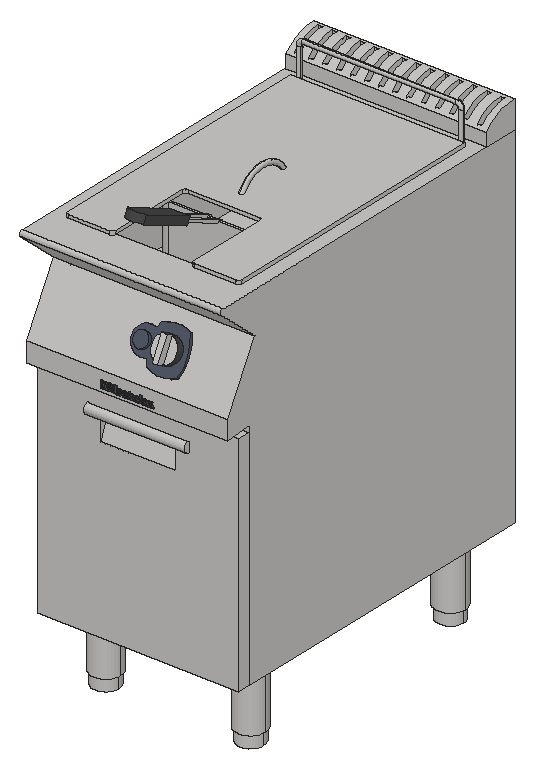
Revit family "QF_ELECTROLUXPROFESSIONAL_371420_E7KKETBAMCI", category Attrezzature speciali, Revit 2018
Family settings
  Quota connettore circolare = Usa diametro
  Tipo di parte = Normale
  Basato su piano di lavoro = No
  Sempre verticale = Sì
  Taglio con vuoti quando caricato = No
  Condiviso = No
  Punto di calcolo locali = No
Parameters (values of type "Standard")
  Weight = 55.00 kg
  Watts = 0 W
  Volts = 0 V
  URL Manufacturer = "https://www.electroluxprofessional.com/"
  URL = "https://www.electroluxprofessional.com/"
  Steam Supply Size = 0"
  Steam Supply Minimum Pressure = 0.00 psi
  Steam Supply Maximum Pressure = 0.00 psi
  Steam Consumption per Hour = 0
  Show Logo [instance] = yes
  Show Clearance [instance] = yes
  Refrigeration Suction Line Size = 0 mm
  Refrigeration Liquid Line Size = 0 mm
  Refrigerant Compressor Remote = yes
  Phase = 0
  Modello = "E7KKETBAMCI"
  Produttore = "Electrolux Professional"
  Length Actual = 400 mm  # constant formula
  Item Number = "371420"
  Hot Water Size = 0"
  Height Actual = 850 mm  # constant formula
  HP = "0 HP"
  Gas Size = 1/2"
  Gas KW = 14
  Gas Input Pressure = 0.469158 Btu/h
  Direct Waste Size = 0"
  Descrizione = "15 LITRE GAS FRYER 400MM - QMARK"
  Depth Actual = 730 mm  # constant formula
  Cycle = 0 Hz
  Condensate Return Size = 0"
  Compressed Air Volume = 0 GPM
  Compressed Air Size = 0"
  Compressed Air Pressure = 0.00 psi
  Cold Water Size = 0"
  Base Height [instance] = 150 mm  # constant formula
  Accessory = yes
Values of the unnamed type that differ from the named types
  Weight = 0.00 kg
  URL Manufacturer = ""
  Item Number = ""
  HP = ""
  Gas KW = 0
  Gas Input Pressure = 0.0 Btu/h
Reference planes
  plane 1 "BACK": y = 0
  plane 2: z = 0
  plane 3 "LEFT": x = 0
  plane 4 "RIGHT": x = 400
  plane 5 "FRONT": y = -730
  plane 6 "TOP": z = 905.238
  plane 7 "Center Y": x = 200
  plane 8 "Center X": y = -365
  plane 9 "BASE": z = 601
  plane 10 "TOP A": z = 850.238
  plane 11: y = -587.387
  plane 12: y = -90
  plane 13: z = 150
Forms (mm)
  Extrusion 1, solid, material "QF_Finishes_Stainless Steel"
    sketch origin (0, 0, 0) x (0, 1, 0) y (0, 0, 1)
      loop
        line (0, 850.237) -> (-725.027, 850.237)
        arc (-725.027, 850.237) -> (-730.893, 846.318) -> (-729.517, 839.397) r 6.35
        line (-729.517, 839.397) -> (-646.919, 767.047) -> (-713.522, 646.19) -> (-713.522, 608.09) -> (-660.15, 613.7) -> (-660.15, 150) -> (0, 150) -> (0, 850.237)
      loop
        line (-687.137, 601) -> (-687.137, 150) -> (-661.737, 150) -> (-661.737, 601) -> (-687.137, 601)
    from 0 to 400
  Extrusion 2, solid, material "QF_Finishes_Stainless Steel"
    sketch origin (0, 0, 0) x (0, 1, 0) y (0, 0, 1)
      loop
        line (0, 850.238) -> (0, 905.237)
        arc (0, 905.237) -> (-38.078, 897.879) -> (-69.85, 875.637) r 93.057
        line (-69.85, 875.637) -> (-69.85, 850.238) -> (0, 850.238)
    from 0 to 400
  Extrusion 3, void
    sketch origin (0, 0, 850.238) x (-1, 0, 0) y (0, -1, 0)
      loop
        line (-33.338, 90.124) -> (-33.338, 645.265) -> (-366.662, 645.265) -> (-366.662, 90.124) -> (-33.338, 90.124)
    from 0 to -152.4
  Extrusion 4, solid, material "QF_Finishes_Stainless Steel"
    sketch origin (0, 0, 850.238) x (-1, 0, 0) y (0, -1, 0)
      loop
        arc (-26.988, 645.265) -> (-28.847, 649.755) -> (-33.338, 651.615) r 6.35
        line (-33.338, 651.615) -> (-115.863, 651.615)
        arc (-115.863, 651.615) -> (-120.353, 649.755) -> (-122.213, 645.265) r 6.35
        line (-122.213, 645.265) -> (-122.213, 481.012)
        arc (-122.213, 481.012) -> (-124.072, 476.521) -> (-128.563, 474.662) r 6.35
        line (-128.563, 474.662) -> (-271.437, 474.662)
        arc (-271.437, 474.662) -> (-275.928, 476.521) -> (-277.787, 481.012) r 6.35
        line (-277.787, 481.012) -> (-277.787, 645.29)
        arc (-277.787, 645.29) -> (-279.64, 649.762) -> (-284.113, 651.615) r 6.325
        line (-284.113, 651.615) -> (-366.663, 651.615)
        arc (-366.663, 651.615) -> (-371.153, 649.755) -> (-373.013, 645.265) r 6.35
        line (-373.013, 645.265) -> (-373.013, 90.124) -> (-26.988, 90.124) -> (-26.988, 645.265)
    from 0 to 6.35
  Sweep 5, solid, material "QF_Finishes_Stainless Steel"
    path origin (200, 0, 0) x (0, 1, 0) y (0, 0, 1)
      loop
        arc (-323.261, 850.238) -> (-377.7, 884.016) -> (-432.139, 850.238) r 60.757
    profile origin (200, -377.7, 884.016) x (0, 0, -1) y (1, 0, 0)
      loop
        circle (0, 0) r 4.353
  Sweep 6, solid, material "QF_Finishes_Stainless Steel"
    path origin (0, 0, 0) x (1, 0, 0) y (0, 0, 1)
      loop
        line (39.688, 846.5) -> (39.688, 911.588)
        arc (39.688, 911.588) -> (41.547, 916.078) -> (46.038, 917.938) r 6.35
        line (46.038, 917.938) -> (352.225, 917.938)
        arc (352.225, 917.938) -> (356.715, 916.078) -> (358.575, 911.588) r 6.35
        line (358.575, 911.588) -> (358.575, 846.5)
    profile origin (39.688, 0, 879.044) x (-1, 0, 0) y (0, -1, 0)
      loop
        circle (2.09, 83.254) r 3.827
  Extrusion 7, void
    sketch origin (0, 0, 850.238) x (-1, 0, 0) y (0, -1, 0)
      loop
        line (-13.453, 6.761) -> (-13.453, 63.911) -> (-22.749, 63.911) -> (-22.749, 6.761) -> (-13.453, 6.761)
    from 25.4 to 63.5
  Extrusion 8, void
    sketch origin (400.05, 0, 850.237) x (1, 0, 0) y (0, 1, 0)
      loop
        line (-13.503, -6.761) -> (-22.799, -6.761) -> (-22.799, -63.911) -> (-13.503, -63.911) -> (-13.503, -6.761)
    from 25.4 to 63.5
  Extrusion 9, void
    sketch origin (27.988, 0, 850.238) x (-1, 0, 0) y (0, -1, 0)
      loop
        line (-13.453, 6.761) -> (-13.453, 63.911) -> (-22.749, 63.911) -> (-22.749, 6.761) -> (-13.453, 6.761)
    from 25.4 to 63.5
  Extrusion 10, void
    sketch origin (55.977, 0, 850.238) x (-1, 0, 0) y (0, -1, 0)
      loop
        line (-13.453, 6.761) -> (-13.453, 63.911) -> (-22.749, 63.911) -> (-22.749, 6.761) -> (-13.453, 6.761)
    from 25.4 to 63.5
  Extrusion 11, void
    sketch origin (83.965, 0, 850.238) x (-1, 0, 0) y (0, -1, 0)
      loop
        line (-13.428, 6.761) -> (-13.428, 63.911) -> (-22.724, 63.911) -> (-22.724, 6.761) -> (-13.428, 6.761)
    from 25.4 to 63.5
  Extrusion 12, void
    sketch origin (111.953, 0, 850.237) x (-1, 0, 0) y (0, -1, 0)
      loop
        line (-13.428, 6.761) -> (-13.428, 63.911) -> (-22.724, 63.911) -> (-22.724, 6.761) -> (-13.428, 6.761)
    from 25.4 to 63.5
  Extrusion 13, void
    sketch origin (139.942, 0, 850.237) x (-1, 0, 0) y (0, -1, 0)
      loop
        line (-13.428, 6.761) -> (-13.428, 63.911) -> (-22.724, 63.911) -> (-22.724, 6.761) -> (-13.428, 6.761)
    from 25.4 to 63.5
  Extrusion 14, void
    sketch origin (167.93, 0, 850.237) x (-1, 0, 0) y (0, -1, 0)
      loop
        line (-13.428, 6.761) -> (-13.428, 63.911) -> (-22.724, 63.911) -> (-22.724, 6.761) -> (-13.428, 6.761)
    from 25.4 to 63.5
  Extrusion 15, void
    sketch origin (195.918, 0, 850.237) x (-1, 0, 0) y (0, -1, 0)
      loop
        line (-13.428, 6.761) -> (-13.428, 63.911) -> (-22.724, 63.911) -> (-22.724, 6.761) -> (-13.428, 6.761)
    from 25.4 to 63.5
  Extrusion 16, void
    sketch origin (223.907, 0, 850.237) x (-1, 0, 0) y (0, -1, 0)
      loop
        line (-13.428, 6.761) -> (-13.428, 63.911) -> (-22.724, 63.911) -> (-22.724, 6.761) -> (-13.428, 6.761)
    from 25.4 to 63.5
  Extrusion 17, void
    sketch origin (251.895, 0, 850.237) x (-1, 0, 0) y (0, -1, 0)
      loop
        line (-13.428, 6.761) -> (-13.428, 63.911) -> (-22.724, 63.911) -> (-22.724, 6.761) -> (-13.428, 6.761)
    from 25.4 to 63.5
  Extrusion 18, void
    sketch origin (279.884, 0, 850.237) x (-1, 0, 0) y (0, -1, 0)
      loop
        line (-13.403, 6.761) -> (-13.403, 63.911) -> (-22.699, 63.911) -> (-22.699, 6.761) -> (-13.403, 6.761)
    from 25.4 to 63.5
  Extrusion 19, void
    sketch origin (307.872, 0, 850.237) x (-1, 0, 0) y (0, -1, 0)
      loop
        line (-13.403, 6.761) -> (-13.403, 63.911) -> (-22.699, 63.911) -> (-22.699, 6.761) -> (-13.403, 6.761)
    from 25.4 to 63.5
  Extrusion 20, void
    sketch origin (335.86, 0, 850.237) x (-1, 0, 0) y (0, -1, 0)
      loop
        line (-13.403, 6.761) -> (-13.403, 63.911) -> (-22.699, 63.911) -> (-22.699, 6.761) -> (-13.403, 6.761)
    from 25.4 to 63.5
  Extrusion 21, solid, material "QF_Finishes_Navy Blue"
    sketch origin (97.175, -713.522, 646.19) x (0, 0.482654, 0.875811) y (-1, 0, 0)
      loop
        arc (105.947, -132.617) -> (100.966, -130.409) -> (95.863, -128.501) r 91.844
        line (95.863, -128.501) -> (95.863, -113.213)
        arc (95.863, -113.213) -> (69.246, -86.596) -> (42.629, -113.213) r 26.617
        line (42.629, -113.213) -> (42.629, -126.69)
        arc (42.629, -126.69) -> (36.919, -128.411) -> (31.333, -130.498) r 91.844
        arc (31.333, -130.498) -> (24.206, -161.14) -> (31.333, -191.783) r 69.441
        arc (31.333, -191.783) -> (68.854, -198.494) -> (105.947, -189.715) r 93.759
        arc (105.947, -189.715) -> (112.176, -161.166) -> (105.947, -132.617) r 68.543
    from 0 to 3.175
  Extrusion 22, solid, material "QF_Finishes_Stainless Steel"
    sketch origin (97.175, -716.303, 647.723) x (0, 0.482654, 0.875811) y (-1, 0, 0)
      loop
        circle (68.826, -160.963) r 25.4
    from 0 to 12.7
  Extrusion 23, solid, material "QF_Finishes_Stainless Steel"
    sketch origin (97.175, -727.425, 653.853) x (0, 0.482654, 0.875811) y (-1, 0, 0)
      loop
        arc (93.558, -166.749) -> (94.226, -160.963) -> (93.558, -155.177) r 25.4
        line (93.558, -155.177) -> (44.094, -155.177)
        arc (44.094, -155.177) -> (43.426, -160.963) -> (44.094, -166.749) r 25.4
        line (44.094, -166.749) -> (93.558, -166.749)
    from 0 to 12.7
  Extrusion 24, solid, material "QF_Finishes_Clearance", visible <- "Show Clearance", detail levels coarse
    sketch origin (0, 0, 0) x (1, 0, 0) y (0, 1, 0)
      loop
        line (0, -731.377) -> (0, 0) -> (400, 0) -> (400, -731.377) -> (550.019, -731.377) -> (550.019, 150.019) -> (-150.019, 150.019) -> (-150.019, -731.377) -> (0, -731.377)
    from 0 to 905.237
  Extrusion 25, solid, material "QF_Finishes_Black"
    sketch origin (265.962, -698.333, 942.26) x (0, 0.906308, -0.422618) y (-1, 0, 0)
      loop
        line (10.103, 47.345) -> (128.716, 47.345) -> (128.716, 84.58) -> (10.103, 84.58)
        arc (10.103, 84.58) -> (-0.124, 65.962) -> (10.103, 47.345) r 22.059
    from -15.884 to 0
  Extrusion 26, solid, material "QF_Finishes_Stainless Steel"
    sketch origin (265.962, 41.275, 0) x (0, 1, 0) y (0, 0, 1)
      loop
        line (-537.413, 741.238) -> (-537.413, 842.715) -> (-624.966, 883.542) -> (-627.65, 877.787) -> (-543.763, 838.67) -> (-543.763, 741.238) -> (-537.413, 741.238)
    from -80.476 to -74.619
  Extrusion 27, solid, material "QF_Finishes_Stainless Steel"
    sketch origin (134.088, 41.275, 0) x (0, 1, 0) y (0, 0, -1)
      loop
        line (-543.763, -838.67) -> (-627.65, -877.787) -> (-624.966, -883.542) -> (-537.413, -842.715) -> (-537.413, -741.238) -> (-543.763, -741.238) -> (-543.763, -838.67)
    from -80.476 to -74.619
  Extrusion 28, solid, material "QF_Finishes_Mesh"
    sketch origin (0, 0, 850.238) x (-1, 0, 0) y (0, -1, 0)
      loop
        arc (-116.6, 131.498) -> (-98.64, 138.937) -> (-91.2, 156.898) r 25.4
        line (-91.2, 156.898) -> (-91.2, 481.235)
        arc (-91.2, 481.235) -> (-98.64, 499.196) -> (-116.6, 506.635) r 25.4
        line (-116.6, 506.635) -> (-294.375, 506.635)
        arc (-294.375, 506.635) -> (-312.336, 499.196) -> (-319.775, 481.235) r 25.4
        line (-319.775, 481.235) -> (-319.775, 156.898)
        arc (-319.775, 156.898) -> (-312.336, 138.937) -> (-294.375, 131.498) r 25.4
        line (-294.375, 131.498) -> (-116.6, 131.498)
      loop
        arc (-116.6, 134.673) -> (-100.885, 141.182) -> (-94.375, 156.898) r 22.225
        line (-94.375, 156.898) -> (-94.375, 481.235)
        arc (-94.375, 481.235) -> (-100.885, 496.951) -> (-116.6, 503.46) r 22.225
        line (-116.6, 503.46) -> (-294.375, 503.46)
        arc (-294.375, 503.46) -> (-310.091, 496.951) -> (-316.6, 481.235) r 22.225
        line (-316.6, 481.235) -> (-316.6, 156.898)
        arc (-316.6, 156.898) -> (-310.091, 141.182) -> (-294.375, 134.673) r 22.225
        line (-294.375, 134.673) -> (-116.6, 134.673)
    from -109 to -5.315
  Revolve 29, solid, material "QF_Finishes_Stainless Steel"
    sketch origin (0, -587.387, 608.09) x (0, 0, 1) y (-1, 0, 0)
      loop
        line (-608.09, -56) -> (-458.09, -56) -> (-458.09, -26) -> (-583.09, -26) -> (-583.09, -29.75) -> (-608.09, -29.75) -> (-608.09, -56)
      axis (-608.09, -56) -> (-458.09, -56)
    angle from 0 to 360
  Revolve 30, solid, material "QF_Finishes_Stainless Steel"
    sketch origin (400.05, -587.387, 608.09) x (0, 0, 1) y (-1, 0, 0)
      loop
        line (-608.09, 56.05) -> (-608.09, 29.8) -> (-583.09, 29.8) -> (-583.09, 26.05) -> (-458.09, 26.05) -> (-458.09, 56.05) -> (-608.09, 56.05)
      axis (-608.09, 56.05) -> (-458.09, 56.05)
    angle from 0 to 360
  Revolve 31, solid, material "QF_Finishes_Stainless Steel"
    sketch origin (0, -90, 608.09) x (0, 0, 1) y (-1, 0, 0)
      loop
        line (-608.09, -56) -> (-458.09, -56) -> (-458.09, -26) -> (-583.09, -26) -> (-583.09, -29.75) -> (-608.09, -29.75) -> (-608.09, -56)
      axis (-608.09, -56) -> (-458.09, -56)
    angle from 0 to 360
  Revolve 32, solid, material "QF_Finishes_Stainless Steel"
    sketch origin (400.05, -90, 608.09) x (0, 0, 1) y (-1, 0, 0)
      loop
        line (-608.09, 56.05) -> (-608.09, 29.8) -> (-583.09, 29.8) -> (-583.09, 26.05) -> (-458.09, 26.05) -> (-458.09, 56.05) -> (-608.09, 56.05)
      axis (-608.09, 56.05) -> (-458.09, 56.05)
    angle from 0 to 360
  Extrusion 33, void
    sketch origin (200, 0, 0) x (0, 1, 0) y (0, 0, 1)
      loop
        line (-687.137, 541) -> (-687.137, 499.788) -> (-672.137, 541) -> (-687.137, 541)
    from -75 to 75
  Extrusion 34, solid, material "QF_Finishes_Stainless Steel"
    sketch origin (200, 0, 0) x (0, 1, 0) y (0, 0, 1)
      loop
        line (-687.137, 541) -> (-687.137, 561)
        arc (-687.137, 561) -> (-697.137, 551) -> (-687.137, 541) r 10
    from -100 to 100
  Extrusion 35, solid, material "QF_Finishes_Door Clearance", visible <- "Show Clearance", detail levels coarse
    sketch origin (0, 0, 850.238) x (-1, 0, 0) y (0, -1, 0)
      loop
        arc (0, 687.137) -> (-117.157, 969.98) -> (-400, 1087.137) r 400
        line (-400, 1087.137) -> (-400, 687.137) -> (0, 687.137)
    from -700.237 to -249.237
  Extrusion 36, solid, material "QF_Finishes_Stainless Steel"
    sketch origin (-77.88, -4572, 150) x (-1, 0, 0) y (0, -1, 0)
      loop
        circle (-425.88, -4067) r 6.35
    from 0 to -12.7
  Extrusion 37, solid, material "QF_Finishes_Navy Blue"
    sketch origin (52.175, -716.303, 647.723) x (0, 0.482654, 0.875811) y (-1, 0, 0)
      loop
        circle (68.826, -154.713) r 15
    from 0 to 6.4
  Extrusion 38, solid, material "QF_Finishes_Navy Blue", visible <- "Show Logo"
    sketch origin (-140, -713.772, 608.09) x (0, 0, 1) y (-1, 0, 0)
      loop
        line (20.674, -296.698) -> (8.307, -296.698)
        arc (8.307, -296.698) -> (14.491, -301.27) -> (20.674, -296.698) r 6.467
      loop
        arc (20.674, -296.069) -> (19.505, -290.926) -> (14.849, -288.448) r 6.338
        line (14.849, -288.448) -> (14.849, -290.494)
        arc (14.849, -290.494) -> (16.333, -294.149) -> (19.778, -296.069) r 5.941
        line (19.778, -296.069) -> (20.674, -296.069)
      loop
        arc (9.203, -296.069) -> (12.648, -294.149) -> (14.132, -290.494) r 5.941
        line (14.132, -290.494) -> (14.132, -288.448)
        arc (14.132, -288.448) -> (9.438, -290.922) -> (8.148, -296.069) r 6.504
        line (8.148, -296.069) -> (9.203, -296.069)
      loop
        line (21.349, -287.979) -> (7.604, -287.979) -> (7.604, -301.742) -> (21.349, -301.742) -> (21.349, -287.979)
      loop
        arc (21.432, -304.71) -> (21.085, -304.352) -> (20.718, -304.69) r 0.358
        arc (20.718, -304.69) -> (20.404, -305.44) -> (19.687, -305.825) r 1.216
        line (19.687, -305.825) -> (9.274, -305.825)
        arc (9.274, -305.825) -> (8.614, -305.548) -> (8.218, -304.951) r 1.238
        arc (8.218, -304.951) -> (7.823, -304.7) -> (7.518, -305.054) r 0.358
        line (7.518, -305.054) -> (7.518, -314.933) -> (10.269, -314.933) -> (10.269, -314.036)
        arc (10.269, -314.036) -> (9.36, -313.456) -> (8.904, -312.479) r 1.928
        line (8.904, -312.479) -> (8.904, -309.98)
        arc (8.904, -309.98) -> (9.18, -309.251) -> (9.868, -308.887) r 1.101
        line (9.868, -308.887) -> (13.955, -308.887) -> (13.955, -312.561)
        arc (13.955, -312.561) -> (13.602, -313.058) -> (13.037, -313.286) r 1.083
        arc (13.037, -313.286) -> (12.773, -313.591) -> (13.065, -313.869) r 0.292
        line (13.065, -313.869) -> (16.028, -313.869)
        arc (16.028, -313.869) -> (16.33, -313.596) -> (16.092, -313.266) r 0.305
        arc (16.092, -313.266) -> (15.601, -313.018) -> (15.296, -312.561) r 1.083
        line (15.296, -312.561) -> (15.296, -308.887) -> (19.973, -308.887) -> (19.973, -312.635)
        arc (19.973, -312.635) -> (19.759, -313.39) -> (19.153, -313.888) r 1.314
        arc (19.153, -313.888) -> (18.934, -314.292) -> (19.288, -314.585) r 0.361
        line (19.288, -314.585) -> (21.432, -314.585) -> (21.432, -304.71)
      loop
        arc (20.715, -315.365) -> (20.335, -316.284) -> (19.416, -316.664) r 1.299
        line (19.416, -316.664) -> (9.837, -316.664)
        arc (9.837, -316.664) -> (8.999, -316.286) -> (8.728, -315.408) r 1.118
        line (8.728, -315.408) -> (7.518, -315.408) -> (7.518, -320.758) -> (8.706, -320.758)
        arc (8.706, -320.758) -> (8.978, -319.841) -> (9.848, -319.445) r 1.153
        line (9.848, -319.445) -> (21.92, -319.445) -> (20.715, -315.365)
      loop
        line (12.483, -323.394) -> (12.483, -329.842) -> (13.282, -329.842)
        arc (13.282, -329.842) -> (15.862, -328.857) -> (17.131, -326.404) r 3.874
        line (17.131, -326.404) -> (17.131, -324.643)
        arc (17.131, -324.643) -> (15.944, -321.778) -> (13.08, -320.592) r 4.051
        line (13.08, -320.592) -> (11.072, -320.592)
        arc (11.072, -320.592) -> (8.253, -322.077) -> (7.202, -325.084) r 4.352
        arc (7.202, -325.084) -> (7.566, -327.547) -> (8.943, -329.621) r 5.713
        line (8.943, -329.621) -> (9.892, -329.621)
        arc (9.892, -329.621) -> (9.16, -328.052) -> (8.943, -326.334) r 5.579
        arc (8.943, -326.334) -> (9.737, -324.371) -> (11.616, -323.394) r 3.057
        line (11.616, -323.394) -> (12.483, -323.394)
      loop
        line (13.742, -323.394) -> (13.742, -326.977)
        arc (13.742, -326.977) -> (15.199, -327.024) -> (16.082, -325.864) r 1.59
        line (16.082, -325.864) -> (16.082, -325.034)
        arc (16.082, -325.034) -> (15.217, -323.779) -> (13.742, -323.394) r 2.184
      loop
        arc (16.533, -339.259) -> (17.022, -337.585) -> (17.179, -335.848) r 9.023
        line (17.179, -335.848) -> (17.179, -334.486)
        arc (17.179, -334.486) -> (16.02, -331.686) -> (13.22, -330.527) r 3.959
        line (13.22, -330.527) -> (10.62, -330.527)
        arc (10.62, -330.527) -> (8.338, -331.819) -> (7.221, -334.192) r 4.331
        line (7.221, -334.192) -> (7.221, -336.327)
        arc (7.221, -336.327) -> (7.729, -337.877) -> (8.651, -339.223) r 5.772
        arc (8.651, -339.223) -> (9.412, -339.274) -> (9.499, -338.515) r 0.553
        arc (9.499, -338.515) -> (9.111, -337.781) -> (8.977, -336.962) r 2.573
        line (8.977, -336.962) -> (8.977, -335.447)
        arc (8.977, -335.447) -> (9.983, -333.806) -> (11.798, -333.163) r 2.884
        line (11.798, -333.163) -> (13.077, -333.163)
        arc (13.077, -333.163) -> (14.898, -333.723) -> (15.824, -335.388) r 2.554
        line (15.824, -335.388) -> (15.824, -336.441)
        arc (15.824, -336.441) -> (15.493, -337.369) -> (14.836, -338.104) r 2.564
        arc (14.836, -338.104) -> (14.614, -338.821) -> (15.223, -339.259) r 0.643
        line (15.223, -339.259) -> (16.533, -339.259)
      loop
        line (15.515, -339.53) -> (15.515, -341.031) -> (9.467, -341.031)
        arc (9.467, -341.031) -> (7.879, -341.688) -> (7.221, -343.276) r 2.246
        line (7.221, -343.276) -> (7.221, -344.86)
        arc (7.221, -344.86) -> (7.535, -345.725) -> (8.035, -346.496) r 4.06
        arc (8.035, -346.496) -> (8.768, -346.629) -> (9.019, -345.928) r 0.576
        arc (9.019, -345.928) -> (8.913, -345.403) -> (8.977, -344.87) r 1.69
        arc (8.977, -344.87) -> (9.519, -344.082) -> (10.425, -343.779) r 1.506
        line (10.425, -343.779) -> (15.563, -343.779) -> (15.563, -346.176) -> (16.119, -346.733) -> (16.941, -346.733) -> (16.941, -343.873) -> (20.172, -343.873) -> (15.515, -339.53)
      loop
        line (7.438, -347.63) -> (7.438, -353.017) -> (8.548, -353.017)
        arc (8.548, -353.017) -> (8.942, -352.066) -> (9.893, -351.672) r 1.345
        line (9.893, -351.672) -> (13.509, -351.672)
        arc (13.509, -351.672) -> (14.274, -352.264) -> (14.564, -353.186) r 1.615
        line (14.564, -353.186) -> (14.564, -354.742) -> (17.119, -355.427) -> (17.119, -354.044) -> (15.177, -351.485) -> (17.057, -351.485) -> (16.773, -348.779)
        arc (16.773, -348.779) -> (16.333, -348.249) -> (15.674, -348.45) r 0.621
        arc (15.674, -348.45) -> (15.274, -348.792) -> (14.78, -348.975) r 1.501
        line (14.78, -348.975) -> (9.893, -348.975)
        arc (9.893, -348.975) -> (8.942, -348.581) -> (8.548, -347.63) r 1.345
        line (8.548, -347.63) -> (7.438, -347.63)
      loop
        line (13.54, -354.964) -> (10.848, -354.964)
        arc (10.848, -354.964) -> (8.403, -356.272) -> (7.269, -358.803) r 4.288
        arc (7.269, -358.803) -> (7.205, -360.183) -> (7.269, -361.563) r 15.022
        arc (7.269, -361.563) -> (8.403, -364.094) -> (10.848, -365.401) r 4.288
        line (10.848, -365.401) -> (13.54, -365.401)
        arc (13.54, -365.401) -> (15.986, -364.094) -> (17.119, -361.563) r 4.288
        arc (17.119, -361.563) -> (17.183, -360.183) -> (17.119, -358.803) r 15.022
        arc (17.119, -358.803) -> (15.986, -356.272) -> (13.54, -354.964) r 4.288
      loop
        line (13.745, -358.078) -> (10.643, -358.078)
        arc (10.643, -358.078) -> (8.486, -360.235) -> (10.643, -362.392) r 2.157
        line (10.643, -362.392) -> (13.745, -362.392)
        arc (13.745, -362.392) -> (15.902, -360.235) -> (13.745, -358.078) r 2.157
      loop
        arc (20.726, -365.26) -> (20.355, -366.154) -> (19.461, -366.524) r 1.264
        line (19.461, -366.524) -> (9.597, -366.524)
        arc (9.597, -366.524) -> (8.727, -366.127) -> (8.455, -365.211) r 1.153
        line (8.455, -365.211) -> (7.518, -365.211) -> (7.518, -370.319) -> (8.446, -370.319)
        arc (8.446, -370.319) -> (8.805, -369.547) -> (9.597, -369.232) r 1.153
        line (9.597, -369.232) -> (21.92, -369.232) -> (20.726, -365.26)
      loop
        arc (15.846, -369.857) -> (15.647, -370.921) -> (14.678, -371.403) r 1.215
        line (14.678, -371.403) -> (9.658, -371.403)
        arc (9.658, -371.403) -> (8.043, -372.051) -> (7.322, -373.634) r 2.338
        line (7.322, -373.634) -> (7.322, -375.148)
        arc (7.322, -375.148) -> (7.497, -376.152) -> (7.999, -377.038) r 2.979
        line (7.999, -377.038) -> (7.518, -378.835) -> (7.518, -380.524) -> (16.943, -380.524) -> (16.649, -376.32) -> (15.863, -376.32)
        arc (15.863, -376.32) -> (15.507, -377.156) -> (14.755, -377.665) r 1.605
        line (14.755, -377.665) -> (9.652, -377.665)
        arc (9.652, -377.665) -> (9.232, -376.728) -> (9.159, -375.704) r 2.94
        arc (9.159, -375.704) -> (9.72, -374.603) -> (10.873, -374.16) r 1.724
        line (10.873, -374.16) -> (17.07, -374.16) -> (15.846, -369.857)
      loop
        line (16.874, -381.377) -> (15.202, -383.423) -> (12.028, -385.729) -> (8.572, -382.617)
        arc (8.572, -382.617) -> (8.335, -382.223) -> (8.357, -381.764) r 0.789
        line (8.357, -381.764) -> (7.518, -381.764) -> (7.518, -385.309) -> (8.344, -385.309)
        arc (8.344, -385.309) -> (8.686, -384.947) -> (9.176, -385.039) r 0.52
        line (9.176, -385.039) -> (10.976, -386.51) -> (8.858, -387.886)
        arc (8.858, -387.886) -> (8.457, -387.576) -> (8.37, -387.076) r 0.7
        line (8.37, -387.076) -> (7.518, -387.076) -> (7.518, -393.003) -> (8.405, -393.003)
        arc (8.405, -393.003) -> (8.472, -392.344) -> (8.866, -391.813) r 1.247
        line (8.866, -391.813) -> (13.066, -388.532) -> (15.513, -390.585) -> (16.874, -392.327) -> (16.874, -388.604) -> (15.389, -389.026) -> (13.868, -387.749) -> (15.568, -386.559) -> (16.874, -387.336) -> (16.874, -381.377)
    from 0 to 1.644
Cuts and joins
  Extrusion 3, Extrusion 7, Extrusion 33 cuts Extrusion 1
  joined: Extrusion 4, Sweep 5
  Extrusion 7, Extrusion 8, Extrusion 9, Extrusion 10, Extrusion 11, Extrusion 12, Extrusion 13, Extrusion 14, Extrusion 15, Extrusion 16, Extrusion 17, Extrusion 18, Extrusion 19, Extrusion 20 cuts Extrusion 2
  joined: Extrusion 22, Extrusion 23
  Extrusion 33 cuts Extrusion 24
Lines and regions (mm)
  symbolic lines, style "QF-Clearances", visible <- "Show Clearance", detail levels coarse
    curve 1: line (-150.019, 150.019, 850.238) -> (-150.019, -731.377, 850.238)
    curve 2: line (550.019, 150.019, 850.237) -> (-150.019, 150.019, 850.238)
    curve 3: line (550.019, -731.377, 850.237) -> (550.019, 150.019, 850.237)
  symbolic lines
    curve 4: line (0, 0, 850.238) -> (400, 0, 850.237)
    curve 5: line (0, -730, 850.238) -> (0, 0, 850.238)
    curve 6: line (400, 0, 850.237) -> (400, -730, 850.237)
    curve 7: line (22.724, -6.761, 850.238) -> (22.724, -63.911, 850.238)
    curve 8: line (22.724, -63.911, 850.238) -> (13.428, -63.911, 850.238)
    curve 9: line (13.428, -63.911, 850.238) -> (13.428, -6.761, 850.238)
    curve 10: line (13.428, -6.761, 850.238) -> (22.724, -6.761, 850.238)
    curve 11: line (386.547, -6.761, 850.237) -> (386.547, -63.911, 850.237)
    curve 12: line (386.547, -63.911, 850.237) -> (377.251, -63.911, 850.237)
    curve 13: line (377.251, -63.911, 850.237) -> (377.251, -6.761, 850.237)
    curve 14: line (377.251, -6.761, 850.237) -> (386.547, -6.761, 850.237)
    curve 15: line (50.712, -6.761, 850.238) -> (50.712, -63.911, 850.238)
    curve 16: line (50.712, -63.911, 850.238) -> (41.416, -63.911, 850.238)
    curve 17: line (41.416, -63.911, 850.238) -> (41.416, -6.761, 850.238)
    curve 18: line (41.416, -6.761, 850.238) -> (50.712, -6.761, 850.238)
    curve 19: line (78.7, -6.761, 850.238) -> (78.7, -63.911, 850.238)
    curve 20: line (78.7, -63.911, 850.238) -> (69.405, -63.911, 850.238)
    curve 21: line (69.405, -63.911, 850.238) -> (69.405, -6.761, 850.238)
    curve 22: line (69.405, -6.761, 850.238) -> (78.7, -6.761, 850.238)
    curve 23: line (106.689, -6.761, 850.237) -> (106.689, -63.911, 850.237)
    curve 24: line (106.689, -63.911, 850.237) -> (97.393, -63.911, 850.238)
    curve 25: line (97.393, -63.911, 850.238) -> (97.393, -6.761, 850.238)
    curve 26: line (97.393, -6.761, 850.238) -> (106.689, -6.761, 850.237)
    curve 27: line (134.677, -6.761, 850.237) -> (134.677, -63.911, 850.237)
    curve 28: line (134.677, -63.911, 850.237) -> (125.381, -63.911, 850.237)
    curve 29: line (125.381, -63.911, 850.237) -> (125.381, -6.761, 850.237)
    curve 30: line (125.381, -6.761, 850.237) -> (134.677, -6.761, 850.237)
    curve 31: line (162.665, -6.761, 850.237) -> (162.665, -63.911, 850.237)
    curve 32: line (162.665, -63.911, 850.237) -> (153.37, -63.911, 850.237)
    curve 33: line (153.37, -63.911, 850.237) -> (153.37, -6.761, 850.237)
    curve 34: line (153.37, -6.761, 850.237) -> (162.665, -6.761, 850.237)
    curve 35: line (190.654, -6.761, 850.237) -> (190.654, -63.911, 850.237)
    curve 36: line (190.654, -63.911, 850.237) -> (181.358, -63.911, 850.237)
    curve 37: line (181.358, -63.911, 850.237) -> (181.358, -6.761, 850.237)
    curve 38: line (181.358, -6.761, 850.237) -> (190.654, -6.761, 850.237)
    curve 39: line (218.642, -6.761, 850.237) -> (218.642, -63.911, 850.237)
    curve 40: line (218.642, -63.911, 850.237) -> (209.346, -63.911, 850.237)
    curve 41: line (209.346, -63.911, 850.237) -> (209.346, -6.761, 850.237)
    curve 42: line (209.346, -6.761, 850.237) -> (218.642, -6.761, 850.237)
    curve 43: line (246.605, -6.761, 850.237) -> (246.605, -63.911, 850.237)
    curve 44: line (246.605, -63.911, 850.237) -> (237.31, -63.911, 850.237)
    curve 45: line (237.31, -63.911, 850.237) -> (237.31, -6.761, 850.237)
    curve 46: line (237.31, -6.761, 850.237) -> (246.605, -6.761, 850.237)
    curve 47: line (274.594, -6.761, 850.237) -> (274.594, -63.911, 850.237)
    curve 48: line (274.594, -63.911, 850.237) -> (265.298, -63.911, 850.237)
    curve 49: line (265.298, -63.911, 850.237) -> (265.298, -6.761, 850.237)
    curve 50: line (265.298, -6.761, 850.237) -> (274.594, -6.761, 850.237)
    curve 51: line (302.582, -6.761, 850.237) -> (302.582, -63.911, 850.237)
    curve 52: line (302.582, -63.911, 850.237) -> (293.286, -63.911, 850.237)
    curve 53: line (293.286, -63.911, 850.237) -> (293.286, -6.761, 850.237)
    curve 54: line (293.286, -6.761, 850.237) -> (302.582, -6.761, 850.237)
    curve 55: line (330.57, -6.761, 850.237) -> (330.57, -63.911, 850.237)
    curve 56: line (330.57, -63.911, 850.237) -> (321.275, -63.911, 850.237)
    curve 57: line (321.275, -63.911, 850.237) -> (321.275, -6.761, 850.237)
    curve 58: line (321.275, -6.761, 850.237) -> (330.57, -6.761, 850.237)
    curve 59: line (358.559, -6.761, 850.237) -> (358.559, -63.911, 850.237)
    curve 60: line (358.559, -63.911, 850.237) -> (349.263, -63.911, 850.237)
    curve 61: line (349.263, -63.911, 850.237) -> (349.263, -6.761, 850.237)
    curve 62: line (349.263, -6.761, 850.237) -> (358.559, -6.761, 850.237)
    curve 63: line (26.988, -90.124, 850.238) -> (26.988, -645.265, 850.238)
    curve 64: arc (26.988, -645.265, 850.238) -> (28.847, -649.755, 850.238) -> (33.338, -651.615, 850.238) r 6.35
    curve 65: line (33.338, -651.615, 850.238) -> (115.863, -651.615, 850.237)
    curve 66: arc (115.863, -651.615, 850.237) -> (120.353, -649.755, 850.237) -> (122.213, -645.265, 850.237) r 6.35
    curve 67: line (122.213, -645.265, 850.237) -> (122.213, -481.012, 850.237)
    curve 68: arc (122.213, -481.012, 850.237) -> (124.072, -476.521, 850.237) -> (128.563, -474.662, 850.237) r 6.35
    curve 69: line (128.563, -474.662, 850.237) -> (271.437, -474.662, 850.237)
    curve 70: arc (271.437, -474.662, 850.237) -> (275.928, -476.521, 850.237) -> (277.787, -481.012, 850.237) r 6.35
    curve 71: line (277.787, -481.012, 850.237) -> (277.787, -645.265, 850.237)
    curve 72: arc (277.787, -645.265, 850.237) -> (279.64, -649.737, 850.237) -> (284.113, -651.59, 850.237) r 6.325
    curve 73: line (284.113, -651.59, 850.237) -> (366.663, -651.59, 850.237)
    curve 74: arc (366.663, -651.59, 850.237) -> (371.153, -649.73, 850.237) -> (373.013, -645.24, 850.237) r 6.35
    curve 75: line (373.013, -645.24, 850.237) -> (373.013, -90.124, 850.237)
    curve 76: line (373.013, -90.124, 850.237) -> (26.988, -90.124, 850.238)
    curve 77: line (31.725, -69.85, 850.238) -> (0, -69.85, 850.238)
    curve 78: line (0, -69.85, 850.238) -> (0, -63.012, 850.238)
    curve 79: line (0, -69.85, 850.238) -> (400, -69.85, 850.237)
    curve 80: line (201.587, -90.124, 850.237) -> (366.663, -90.124, 850.237)
    curve 81: line (33.313, -90.124, 850.238) -> (198.413, -90.124, 850.237)
    curve 82: line (218.617, -695.889, 850.237) -> (218.617, -581.677, 850.237)
    curve 83: line (181.383, -581.677, 850.237) -> (181.383, -695.889, 850.237)
    curve 84: line (218.617, -581.677, 850.237) -> (181.383, -581.677, 850.237)
    curve 85: spline (218.617, -695.889, 850.237) -> (216.385, -698.551, 850.237) -> (213.694, -700.839, 850.237) -> (210.621, -702.688, 850.237) -> (207.25, -704.047, 850.237) -> (203.676, -704.878, 850.237) -> (200, -705.158, 850.237) -> (196.324, -704.878, 850.237) -> (192.75, -704.047, 850.237) -> (189.379, -702.688, 850.237) -> (186.306, -700.839, 850.237) -> (183.615, -698.551, 850.237) -> (181.383, -695.889, 850.237)
    curve 86: line (218.617, -645.265, 850.237) -> (277.787, -645.265, 850.237)
    curve 87: line (181.383, -645.265, 850.237) -> (122.213, -645.265, 850.237)
    curve 88: line (191.318, -506.51, 850.237) -> (191.318, -581.677, 850.237)
    curve 89: line (185.462, -581.677, 850.237) -> (185.462, -506.51, 850.237)
    curve 90: line (214.538, -506.51, 850.237) -> (214.538, -581.677, 850.237)
    curve 91: line (208.682, -581.677, 850.237) -> (208.682, -506.51, 850.237)
    curve 92: spline (181.383, -689.176, 850.237) -> (183.615, -691.839, 850.237) -> (186.306, -694.126, 850.237) -> (189.379, -695.976, 850.237) -> (192.75, -697.335, 850.237) -> (196.324, -698.166, 850.237) -> (200, -698.445, 850.237) -> (203.676, -698.166, 850.237) -> (207.25, -697.335, 850.237) -> (210.621, -695.976, 850.237) -> (213.694, -694.126, 850.237) -> (216.385, -691.839, 850.237) -> (218.617, -689.176, 850.237)
    curve 93: line (195.545, -428.432, 850.237) -> (195.545, -326.969, 850.237)
    curve 94: line (204.443, -326.969, 850.237) -> (204.443, -428.432, 850.237)
    curve 95: arc (195.545, -428.432, 850.237) -> (199.994, -432.882, 850.237) -> (204.443, -428.432, 850.237) r 4.449
    curve 96: arc (195.545, -326.969, 850.237) -> (199.994, -322.52, 850.237) -> (204.443, -326.969, 850.237) r 4.449
    curve 97: line (400, -730, 850.237) -> (0, -730, 850.238)
    curve 98: line (37.573, -79.289, 850.238) -> (362.402, -79.289, 850.237)
    curve 99: line (37.573, -86.944, 850.238) -> (37.573, -79.289, 850.238)
    curve 100: line (362.402, -86.944, 850.237) -> (37.573, -86.944, 850.238)
    curve 101: line (362.402, -79.289, 850.237) -> (362.402, -86.944, 850.237)
    curve 102: line (122.213, -506.51, 850.237) -> (277.787, -506.51, 850.237)
    curve 103: line (122.213, -503.335, 850.237) -> (277.787, -503.335, 850.237)
  symbolic lines, style "QF-Door Swings"
    curve 104: arc (2.303, -730, 850.238) -> (19.743, -811.254, 850.238) -> (53.597, -887.15, 850.238) r 400
    curve 105: line (53.597, -887.15, 850.238) -> (325.76, -730, 850.237)
Dimensions and locks
  equal spacing: plane 3 "LEFT", plane 7 "Center Y", plane 4 "RIGHT"
  plane 3 "LEFT" to plane 4 "RIGHT" = 400 mm
  equal spacing: plane 5 "FRONT", plane 8 "Center X", plane 1 "BACK"
  plane 5 "FRONT" to plane 1 "BACK" = 730 mm
  plane 1 "BACK" to plane 5 "FRONT" = 730 mm
  locked: plane 10 "TOP A" to plane 9 "BASE" at 249.238
  locked: plane 6 "TOP" to plane 10 "TOP A" at 55
  "Base Height": plane 13 to level
  plane 10 "TOP A" to plane 13 = 700.237 mm
  aligned and locked: level to plane 2
  aligned and locked: plane 4 "RIGHT" to Extrusion 1
  aligned and locked: plane 4 "RIGHT" to Extrusion 2
  aligned and locked: plane 6 "TOP" to Extrusion 24
  aligned and locked: plane 10 "TOP A" to Extrusion 2 sketch curve
Automatic sketch dimensions
  Sweep 5 sketch curve to plane 10 "TOP A" = 0 mm  (x2)
  Sweep 5 sketch curve to plane 8 "Center X" = 67.139 mm
  Sweep 5 sketch curve to plane 8 "Center X" = 12.7 mm
  Sweep 5 sketch curve to plane 10 "TOP A" = 26.978 mm
  Sweep 5 sketch curve to plane 7 "Center Y" = 0 mm
  Sweep 5 sketch curve to profile plane = 0 mm
  plane 1 "BACK" to Extrusion 7 sketch curve = 6.761 mm
  plane 3 "LEFT" to Extrusion 7 sketch curve = 22.749 mm
  Extrusion 7 sketch curve to Extrusion 7 sketch curve = 9.296 mm
  Extrusion 7 sketch curve to Extrusion 7 sketch curve = 57.15 mm
  plane 1 "BACK" to Extrusion 9 sketch curve = 6.761 mm
  plane 3 "LEFT" to Extrusion 9 sketch curve = 50.737 mm
  Extrusion 9 sketch curve to Extrusion 9 sketch curve = 9.296 mm
  Extrusion 9 sketch curve to Extrusion 9 sketch curve = 57.15 mm
  plane 1 "BACK" to Extrusion 10 sketch curve = 6.761 mm
  plane 3 "LEFT" to Extrusion 10 sketch curve = 78.725 mm
  Extrusion 10 sketch curve to Extrusion 10 sketch curve = 9.296 mm
  Extrusion 10 sketch curve to Extrusion 10 sketch curve = 57.15 mm
  plane 1 "BACK" to Extrusion 11 sketch curve = 6.761 mm
  Extrusion 11 sketch curve to plane 7 "Center Y" = 93.311 mm
  Extrusion 11 sketch curve to Extrusion 11 sketch curve = 9.296 mm
  Extrusion 11 sketch curve to Extrusion 11 sketch curve = 57.15 mm
  plane 1 "BACK" to Extrusion 12 sketch curve = 6.761 mm
  Extrusion 12 sketch curve to plane 7 "Center Y" = 65.323 mm
  Extrusion 12 sketch curve to Extrusion 12 sketch curve = 9.296 mm
  Extrusion 12 sketch curve to Extrusion 12 sketch curve = 57.15 mm
  plane 1 "BACK" to Extrusion 13 sketch curve = 6.761 mm
  Extrusion 13 sketch curve to plane 7 "Center Y" = 37.335 mm
  Extrusion 13 sketch curve to Extrusion 13 sketch curve = 9.296 mm
  Extrusion 13 sketch curve to Extrusion 13 sketch curve = 57.15 mm
  Extrusion 14 sketch curve to plane 7 "Center Y" = 9.346 mm
  Extrusion 14 sketch curve to Extrusion 14 sketch curve = 9.296 mm
  plane 1 "BACK" to Extrusion 14 sketch curve = 6.761 mm
  Extrusion 14 sketch curve to Extrusion 14 sketch curve = 57.15 mm
  plane 1 "BACK" to Extrusion 15 sketch curve = 6.761 mm
  plane 7 "Center Y" to Extrusion 15 sketch curve = 18.642 mm
  Extrusion 15 sketch curve to Extrusion 15 sketch curve = 9.296 mm
  Extrusion 15 sketch curve to Extrusion 15 sketch curve = 57.15 mm
  plane 1 "BACK" to Extrusion 16 sketch curve = 6.761 mm
  plane 7 "Center Y" to Extrusion 16 sketch curve = 46.63 mm
  Extrusion 16 sketch curve to Extrusion 16 sketch curve = 9.296 mm
  Extrusion 16 sketch curve to Extrusion 16 sketch curve = 57.15 mm
  plane 1 "BACK" to Extrusion 17 sketch curve = 6.761 mm
  plane 7 "Center Y" to Extrusion 17 sketch curve = 74.619 mm
  Extrusion 17 sketch curve to Extrusion 17 sketch curve = 9.296 mm
  Extrusion 17 sketch curve to Extrusion 17 sketch curve = 57.15 mm
  Extrusion 25 sketch curve to plane 7 "Center Y" = 0 mm
  plane 7 "Center Y" to Extrusion 25 sketch curve = 18.617 mm
  Extrusion 25 sketch curve to plane 7 "Center Y" = 18.617 mm
  Extrusion 25 sketch curve to Extrusion 25 sketch curve = 11.832 mm
  Extrusion 25 sketch curve to Extrusion 25 sketch curve = 106.78 mm
  Extrusion 26 sketch curve to plane 11 = 1.013 mm
  Extrusion 26 sketch curve to plane 11 = 3.696 mm
  Extrusion 26 sketch curve to plane 10 "TOP A" = 11.567 mm
  Extrusion 26 sketch curve to plane 11 = 84.899 mm
  Extrusion 26 sketch curve to plane 10 "TOP A" = 7.522 mm
  Extrusion 26 sketch curve to Extrusion 26 sketch curve = 6.35 mm
  Extrusion 26 sketch curve to Extrusion 26 sketch curve = 97.432 mm
  Extrusion 27 sketch curve to plane 11 = 1.013 mm
  Extrusion 27 sketch curve to plane 11 = 3.696 mm
  Extrusion 27 sketch curve to plane 10 "TOP A" = 11.567 mm
  Extrusion 27 sketch curve to plane 11 = 84.899 mm
  Extrusion 27 sketch curve to Extrusion 27 sketch curve = 6.35 mm
  Extrusion 27 sketch curve to plane 10 "TOP A" = 7.522 mm
  Extrusion 27 sketch curve to Extrusion 27 sketch curve = 97.432 mm
  Revolve 29 sketch curve to level = 0 mm
  Revolve 29 sketch curve to plane 13 = 0 mm  (x2)
  level to Revolve 29 sketch curve = 25 mm
  Revolve 29 sketch curve to Revolve 29 sketch curve = 20 mm
  plane 3 "LEFT" to Revolve 29 sketch curve = 56 mm
  Revolve 29 sketch curve to Revolve 29 sketch curve = 0 mm
  plane 3 "LEFT" to Revolve 29 sketch curve = 29.75 mm
  plane 3 "LEFT" to Revolve 29 sketch curve = 26 mm
  Revolve 31 sketch curve to level = 0 mm
  Revolve 31 sketch curve to plane 13 = 0 mm  (x2)
  level to Revolve 31 sketch curve = 25 mm
  Revolve 31 sketch curve to Revolve 31 sketch curve = 20 mm
  plane 3 "LEFT" to Revolve 31 sketch curve = 56 mm
  Revolve 31 sketch curve to Revolve 31 sketch curve = 0 mm
  plane 3 "LEFT" to Revolve 31 sketch curve = 29.75 mm
  plane 3 "LEFT" to Revolve 31 sketch curve = 26 mm
  Extrusion 1 sketch curve to plane 10 "TOP A" = 0 mm
  Extrusion 1 sketch curve to plane 13 = 0 mm  (x2)
  Extrusion 1 sketch curve to plane 9 "BASE" = 0 mm
  Extrusion 1 sketch curve to plane 1 "BACK" = 0 mm
  plane 11 to Extrusion 1 sketch curve = 59.531 mm
  plane 9 "BASE" to Extrusion 1 sketch curve = 12.7 mm
  Extrusion 1 sketch curve to Extrusion 1 sketch curve = 1.588 mm
  Extrusion 1 sketch curve to Extrusion 1 sketch curve = 25.4 mm
  Extrusion 1 sketch curve to plane 5 "FRONT" = 16.478 mm
  Extrusion 1 sketch curve to plane 5 "FRONT" = 4.973 mm
  Extrusion 1 sketch curve to plane 5 "FRONT" = 0.483 mm
  plane 9 "BASE" to Extrusion 1 sketch curve = 7.09 mm
  Extrusion 1 sketch curve to Extrusion 1 sketch curve = 38.1 mm
  Extrusion 1 sketch curve to plane 10 "TOP A" = 83.191 mm
  Extrusion 1 sketch curve to plane 10 "TOP A" = 10.84 mm
  Extrusion 1 sketch curve to plane 5 "FRONT" = 42.863 mm
  Extrusion 33 sketch curve to plane 5 "FRONT" = 42.863 mm
  Extrusion 33 sketch curve to Extrusion 33 sketch curve = 15 mm
  Extrusion 33 sketch curve to plane 9 "BASE" = 101.212 mm
  Extrusion 33 sketch curve to Extrusion 33 sketch curve = 41.212 mm
  Extrusion 34 sketch curve to plane 5 "FRONT" = 42.863 mm
  Extrusion 34 sketch curve to plane 9 "BASE" = 60 mm
  Extrusion 34 sketch curve to Extrusion 34 sketch curve = 10 mm
  Extrusion 2 sketch curve to plane 1 "BACK" = 0 mm
  Extrusion 2 sketch curve to plane 6 "TOP" = 0 mm
  plane 1 "BACK" to Extrusion 2 sketch curve = 1.769 mm
  Extrusion 2 sketch curve to plane 12 = 20.15 mm
  Extrusion 2 sketch curve to plane 10 "TOP A" = 38.04 mm
  plane 12 to Extrusion 3 sketch curve = 0.124 mm
  Extrusion 3 sketch curve to plane 4 "RIGHT" = 33.337 mm
  plane 3 "LEFT" to Extrusion 3 sketch curve = 33.338 mm
  plane 11 to Extrusion 3 sketch curve = 57.877 mm
  plane 12 to Extrusion 4 sketch curve = 0.124 mm
  Extrusion 4 sketch curve to plane 4 "RIGHT" = 26.987 mm
  Extrusion 4 sketch curve to Extrusion 4 sketch curve = 6.35 mm  (x3)
  Extrusion 4 sketch curve to Extrusion 4 sketch curve = 82.55 mm
  plane 7 "Center Y" to Extrusion 4 sketch curve = 77.787 mm
  Extrusion 4 sketch curve to plane 7 "Center Y" = 71.437 mm
  Extrusion 4 sketch curve to plane 7 "Center Y" = 77.787 mm
  plane 3 "LEFT" to Extrusion 4 sketch curve = 33.338 mm
  plane 3 "LEFT" to Extrusion 4 sketch curve = 26.988 mm
  Extrusion 4 sketch curve to plane 8 "Center X" = 109.662 mm
  plane 11 to Extrusion 4 sketch curve = 57.877 mm  (x2)
  plane 6 "TOP" to Sweep 6 sketch curve = 6.35 mm  (x2)
  plane 3 "LEFT" to Sweep 6 sketch curve = 39.688 mm
  Sweep 6 sketch curve to Sweep 6 sketch curve = 6.35 mm
  Sweep 6 sketch curve to plane 4 "RIGHT" = 47.775 mm
  Sweep 6 sketch curve to plane 10 "TOP A" = 3.737 mm  (x2)
  Sweep 6 sketch curve to profile plane = 2.09 mm
  plane 1 "BACK" to Sweep 6 sketch curve = 83.254 mm
  Extrusion 8 sketch curve to plane 1 "BACK" = 6.761 mm
  plane 4 "RIGHT" to Extrusion 8 sketch curve = 22.749 mm
  Extrusion 8 sketch curve to Extrusion 8 sketch curve = 9.296 mm
  plane 12 to Extrusion 8 sketch curve = 26.089 mm
  plane 1 "BACK" to Extrusion 18 sketch curve = 6.761 mm
  Extrusion 18 sketch curve to plane 4 "RIGHT" = 97.418 mm
  Extrusion 18 sketch curve to Extrusion 18 sketch curve = 9.296 mm
  Extrusion 18 sketch curve to plane 12 = 26.089 mm
  plane 1 "BACK" to Extrusion 19 sketch curve = 6.761 mm
  Extrusion 19 sketch curve to plane 4 "RIGHT" = 69.43 mm
  Extrusion 19 sketch curve to Extrusion 19 sketch curve = 9.296 mm
  Extrusion 19 sketch curve to plane 12 = 26.089 mm
  plane 1 "BACK" to Extrusion 20 sketch curve = 6.761 mm
  Extrusion 20 sketch curve to plane 4 "RIGHT" = 41.441 mm
  Extrusion 20 sketch curve to Extrusion 20 sketch curve = 9.296 mm
  Extrusion 20 sketch curve to plane 12 = 26.089 mm
  Extrusion 21 sketch curve to Extrusion 21 sketch curve = 0 mm  (x2)
  Extrusion 21 sketch curve to Extrusion 1 = 31.333 mm  (x2)
  Extrusion 21 sketch curve to Extrusion 21 sketch curve = 11.296 mm
  Extrusion 21 sketch curve to Extrusion 21 sketch curve = 12.3 mm  (x2)
  Extrusion 21 sketch curve to Extrusion 21 sketch curve = 23.629 mm
  Extrusion 21 sketch curve to Extrusion 21 sketch curve = 34.925 mm
  Extrusion 21 sketch curve to Extrusion 21 sketch curve = 2.988 mm
  Extrusion 21 sketch curve to Extrusion 21 sketch curve = 2.215 mm
  Extrusion 21 sketch curve to Extrusion 21 sketch curve = 10.084 mm
  Extrusion 1 to Extrusion 21 sketch curve = 87.383 mm
  Extrusion 21 sketch curve to Extrusion 21 sketch curve = 23.66 mm
  Extrusion 21 sketch curve to Extrusion 21 sketch curve = 25.727 mm
  Extrusion 21 sketch curve to Extrusion 21 sketch curve = 30.616 mm
  Extrusion 21 sketch curve to Extrusion 21 sketch curve = 28.523 mm
  Extrusion 21 sketch curve to Extrusion 21 sketch curve = 13.477 mm
  Extrusion 22 sketch curve to Extrusion 21 = 26.197 mm
  Extrusion 23 sketch curve to Extrusion 23 sketch curve = 24.732 mm
  Extrusion 23 sketch curve to Extrusion 23 sketch curve = 0 mm
  plane 1 "BACK" to Extrusion 24 sketch curve = 0 mm
  Extrusion 24 sketch curve to plane 3 "LEFT" = 0 mm
  Extrusion 24 sketch curve to plane 4 "RIGHT" = 0 mm
  Extrusion 24 sketch curve to plane 3 "LEFT" = 150.019 mm
  plane 5 "FRONT" to Extrusion 24 sketch curve = 1.377 mm  (x2)
  plane 4 "RIGHT" to Extrusion 24 sketch curve = 150.019 mm
  Extrusion 24 sketch curve to plane 1 "BACK" = 150.019 mm
  curve 79 to plane 4 "RIGHT" = 0 mm
  curve 104 to plane 4 "RIGHT" = 0 mm
  plane 5 "FRONT" to curve 105 = 0 mm
  curve 92 to plane 7 "Center Y" = 0 mm
  curve 85 to plane 7 "Center Y" = 0 mm
  plane 1 "BACK" to curve 4 = 0 mm
  curve 4 to plane 3 "LEFT" = 0 mm
  curve 77 to plane 3 "LEFT" = 0 mm
  plane 4 "RIGHT" to curve 3 = 150.019 mm
  curve 14 to plane 4 "RIGHT" = 13.453 mm
  curve 11 to curve 13 = 9.296 mm
  curve 75 to plane 4 "RIGHT" = 26.987 mm
  curve 74 to curve 74 = 6.35 mm
  plane 12 to curve 80 = 0.124 mm
  curve 75 to curve 80 = 6.35 mm
  curve 80 to curve 98 = 4.26 mm
  plane 1 "BACK" to curve 59 = 6.761 mm
  curve 13 to curve 59 = 18.693 mm
  curve 59 to curve 60 = 9.296 mm
  plane 1 "BACK" to curve 55 = 6.761 mm
  curve 61 to curve 55 = 18.693 mm
  curve 105 to plane 4 "RIGHT" = 74.24 mm
  curve 55 to curve 57 = 9.296 mm
  plane 1 "BACK" to curve 54 = 6.761 mm
  curve 57 to curve 54 = 18.693 mm
  curve 51 to curve 54 = 9.296 mm
  curve 73 to curve 72 = 82.55 mm
  plane 7 "Center Y" to curve 70 = 77.787 mm
  curve 52 to curve 47 = 18.693 mm
  curve 71 to curve 69 = 6.35 mm
  curve 47 to curve 49 = 9.296 mm
  curve 48 to curve 43 = 18.693 mm
  curve 43 to curve 45 = 9.296 mm
  plane 7 "Center Y" to curve 92 = 22.059 mm
  curve 85 to curve 92 = 0 mm
  plane 1 "BACK" to curve 39 = 6.761 mm
  plane 7 "Center Y" to curve 39 = 18.642 mm
  curve 85 to curve 82 = 3.442 mm
  plane 7 "Center Y" to curve 90 = 14.538 mm
  curve 39 to curve 41 = 9.296 mm
  curve 90 to curve 91 = 5.857 mm
  plane 7 "Center Y" to curve 96 = 4.443 mm
  plane 7 "Center Y" to curve 80 = 1.587 mm
  curve 95 to plane 7 "Center Y" = 0.006 mm
  plane 12 to curve 81 = 0.124 mm
  curve 81 to plane 7 "Center Y" = 1.587 mm
  curve 88 to plane 7 "Center Y" = 8.682 mm
  curve 38 to plane 7 "Center Y" = 9.346 mm
  curve 88 to curve 89 = 5.857 mm
  curve 92 to plane 7 "Center Y" = 18.617 mm
  curve 35 to curve 37 = 9.296 mm
  plane 1 "BACK" to curve 31 = 6.761 mm
  curve 37 to curve 31 = 18.693 mm
  curve 31 to curve 33 = 9.296 mm
  curve 32 to curve 28 = 18.693 mm
  curve 89 to curve 68 = 56.899 mm
  curve 27 to curve 30 = 9.296 mm
  curve 87 to curve 87 = 59.17 mm
  curve 66 to curve 66 = 6.35 mm
  plane 1 "BACK" to curve 26 = 6.761 mm
  curve 29 to curve 26 = 18.693 mm
  curve 23 to curve 25 = 9.296 mm
  plane 1 "BACK" to curve 19 = 6.761 mm
  curve 25 to curve 19 = 18.693 mm
  curve 19 to curve 21 = 9.296 mm
  plane 3 "LEFT" to curve 105 = 53.597 mm
  curve 20 to curve 15 = 18.693 mm
  curve 15 to curve 18 = 9.296 mm
  curve 99 to plane 12 = 3.056 mm
  curve 16 to curve 99 = 3.843 mm
  curve 99 to curve 81 = 4.26 mm
  plane 3 "LEFT" to curve 65 = 33.338 mm
  curve 98 to curve 77 = 5.848 mm
  curve 64 to curve 64 = 6.35 mm
  plane 1 "BACK" to curve 7 = 6.761 mm
  curve 17 to curve 7 = 18.693 mm
  curve 7 to curve 9 = 9.296 mm
  curve 104 to curve 5 = 2.303 mm
  curve 2 to plane 3 "LEFT" = 150.019 mm
  curve 2 to plane 1 "BACK" = 150.019 mm
  plane 1 "BACK" to curve 11 = 6.761 mm
  plane 1 "BACK" to curve 50 = 6.761 mm
  plane 1 "BACK" to curve 15 = 6.761 mm
  plane 1 "BACK" to curve 46 = 6.761 mm
  plane 1 "BACK" to curve 38 = 6.761 mm
  plane 1 "BACK" to curve 27 = 6.761 mm
  curve 78 to plane 12 = 26.988 mm
  curve 32 to plane 12 = 26.089 mm
  curve 29 to plane 12 = 26.089 mm
  curve 35 to plane 12 = 26.089 mm
  curve 25 to plane 12 = 26.089 mm
  curve 39 to plane 12 = 26.089 mm
  curve 21 to plane 12 = 26.089 mm
  curve 43 to plane 12 = 26.089 mm
  curve 17 to curve 99 = 23.033 mm
  curve 47 to plane 12 = 26.089 mm
  curve 13 to plane 12 = 26.089 mm
  curve 51 to plane 12 = 26.089 mm
  curve 78 to curve 9 = 0.898 mm
  curve 55 to plane 12 = 26.089 mm
  curve 59 to curve 12 = 0 mm
  curve 11 to curve 79 = 5.939 mm
  curve 7 to curve 77 = 5.939 mm
  curve 101 to curve 100 = 7.655 mm
  plane 12 to curve 63 = 0.124 mm
  plane 8 "Center X" to curve 96 = 38.031 mm
  curve 95 to plane 8 "Center X" = 63.432 mm
  curve 93 to curve 68 = 46.229 mm
  curve 70 to curve 103 = 22.324 mm
  curve 68 to curve 88 = 25.499 mm
  curve 82 to plane 11 = 5.711 mm
  plane 11 to curve 86 = 57.877 mm
  curve 87 to curve 86 = 0 mm
  curve 86 to curve 92 = 33.188 mm
  curve 92 to curve 85 = 6.713 mm
  curve 104 to curve 6 = 42.863 mm
  curve 85 to curve 92 = 4.011 mm
  curve 92 to curve 83 = 6.713 mm
  plane 5 "FRONT" to curve 3 = 1.377 mm
  plane 5 "FRONT" to curve 1 = 1.377 mm
  Extrusion 28 sketch curve to Extrusion 28 sketch curve = 0 mm  (x8)
  Extrusion 28 sketch curve to plane 4 "RIGHT" = 80.225 mm
  Extrusion 28 sketch curve to Extrusion 28 sketch curve = 3.175 mm
  Extrusion 28 sketch curve to Extrusion 28 sketch curve = 22.225 mm  (x3)
  plane 12 to Extrusion 28 sketch curve = 44.673 mm
  Extrusion 28 sketch curve to plane 7 "Center Y" = 83.4 mm  (x2)
  Extrusion 28 sketch curve to plane 11 = 106.152 mm
  Revolve 30 sketch curve to level = 0 mm
  Revolve 30 sketch curve to plane 13 = 0 mm  (x2)
  level to Revolve 30 sketch curve = 25 mm
  Revolve 30 sketch curve to Revolve 30 sketch curve = 20 mm
  Revolve 30 sketch curve to plane 4 "RIGHT" = 26 mm
  Revolve 30 sketch curve to Revolve 30 sketch curve = 3.75 mm
  Revolve 30 sketch curve to Revolve 30 sketch curve = 30 mm
  Revolve 30 sketch curve to Revolve 30 sketch curve = 0 mm
  Revolve 32 sketch curve to level = 0 mm
  Revolve 32 sketch curve to plane 13 = 0 mm  (x2)
  level to Revolve 32 sketch curve = 25 mm
  Revolve 32 sketch curve to Revolve 32 sketch curve = 20 mm
  Revolve 32 sketch curve to plane 4 "RIGHT" = 26 mm
  Revolve 32 sketch curve to Revolve 32 sketch curve = 3.75 mm
  Revolve 32 sketch curve to Revolve 32 sketch curve = 30 mm
  Revolve 32 sketch curve to Revolve 32 sketch curve = 0 mm
  Extrusion 35 sketch curve to plane 4 "RIGHT" = 0 mm
  Extrusion 35 sketch curve to plane 3 "LEFT" = 0 mm
  Extrusion 35 sketch curve to plane 5 "FRONT" = 42.863 mm
  Extrusion 36 sketch curve to plane 4 "RIGHT" = 52 mm
  Extrusion 36 sketch curve to plane 11 = 82.388 mm
  Extrusion 37 sketch curve to Extrusion 21 = 26.197 mm
  plane 9 "BASE" to Extrusion 38 sketch curve = 9.251 mm
  plane 9 "BASE" to Extrusion 38 sketch curve = 14.292 mm
  plane 7 "Center Y" to Extrusion 38 sketch curve = 4.86 mm
  plane 9 "BASE" to Extrusion 38 sketch curve = 14.311 mm
  Extrusion 38 sketch curve to Extrusion 38 sketch curve = 0 mm  (x28)
  Extrusion 38 sketch curve to Extrusion 38 sketch curve = 5.108 mm  (x2)
  Extrusion 38 sketch curve to Extrusion 38 sketch curve = 0.054 mm
  Extrusion 38 sketch curve to Extrusion 38 sketch curve = 0.218 mm
  Extrusion 38 sketch curve to Extrusion 38 sketch curve = 0.195 mm
  Extrusion 38 sketch curve to Extrusion 38 sketch curve = 0.249 mm
  plane 9 "BASE" to Extrusion 38 sketch curve = 14.608 mm
  Extrusion 38 sketch curve to Extrusion 38 sketch curve = 0.087 mm
  Extrusion 38 sketch curve to Extrusion 38 sketch curve = 0.358 mm
  Extrusion 38 sketch curve to Extrusion 38 sketch curve = 0.481 mm
  Extrusion 38 sketch curve to Extrusion 38 sketch curve = 0.597 mm
  Extrusion 38 sketch curve to Extrusion 38 sketch curve = 0.544 mm
  Extrusion 38 sketch curve to Extrusion 38 sketch curve = 0.936 mm
  Extrusion 38 sketch curve to Extrusion 38 sketch curve = 0.594 mm
  Extrusion 38 sketch curve to Extrusion 38 sketch curve = 0.343 mm
  Extrusion 38 sketch curve to Extrusion 38 sketch curve = 0.159 mm
  Extrusion 38 sketch curve to Extrusion 38 sketch curve = 0.826 mm
  Extrusion 38 sketch curve to Extrusion 38 sketch curve = 0.839 mm
  Extrusion 38 sketch curve to Extrusion 38 sketch curve = 0.852 mm
  Extrusion 38 sketch curve to Extrusion 38 sketch curve = 0.887 mm
  Extrusion 38 sketch curve to Extrusion 38 sketch curve = 0.928 mm
  Extrusion 38 sketch curve to Extrusion 38 sketch curve = 0.938 mm
  Extrusion 38 sketch curve to Extrusion 38 sketch curve = 0.444 mm
  Extrusion 38 sketch curve to Extrusion 38 sketch curve = 1.11 mm  (x3)
  Extrusion 38 sketch curve to Extrusion 38 sketch curve = 0.215 mm
  Extrusion 38 sketch curve to plane 7 "Center Y" = 0.777 mm
  Extrusion 38 sketch curve to Extrusion 38 sketch curve = 1.43 mm
  Extrusion 38 sketch curve to Extrusion 38 sketch curve = 1.188 mm
  Extrusion 38 sketch curve to Extrusion 38 sketch curve = 1.21 mm  (x2)
  Extrusion 38 sketch curve to Extrusion 38 sketch curve = 0.503 mm
  Extrusion 38 sketch curve to Extrusion 38 sketch curve = 0.488 mm
  Extrusion 38 sketch curve to Extrusion 38 sketch curve = 0.462 mm
  Extrusion 38 sketch curve to Extrusion 38 sketch curve = 1.386 mm
  Extrusion 38 sketch curve to Extrusion 38 sketch curve = 1.742 mm  (x2)
  Extrusion 38 sketch curve to Extrusion 38 sketch curve = 0.821 mm
  Extrusion 38 sketch curve to Extrusion 38 sketch curve = 0.497 mm
  Extrusion 38 sketch curve to Extrusion 38 sketch curve = 0.539 mm
  Extrusion 38 sketch curve to Extrusion 38 sketch curve = 0.686 mm
  Extrusion 38 sketch curve to Extrusion 38 sketch curve = 0.408 mm
  Extrusion 38 sketch curve to Extrusion 38 sketch curve = 0.743 mm
  Extrusion 38 sketch curve to Extrusion 38 sketch curve = 1.16 mm
  Extrusion 38 sketch curve to Extrusion 38 sketch curve = 0.329 mm
  Extrusion 38 sketch curve to Extrusion 38 sketch curve = 1.054 mm
  Extrusion 38 sketch curve to Extrusion 38 sketch curve = 1.056 mm
  Extrusion 38 sketch curve to Extrusion 38 sketch curve = 0.129 mm
  Extrusion 38 sketch curve to Extrusion 38 sketch curve = 0.489 mm
  Extrusion 38 sketch curve to Extrusion 38 sketch curve = 0.441 mm
  Extrusion 38 sketch curve to Extrusion 38 sketch curve = 1.151 mm
  Extrusion 38 sketch curve to Extrusion 38 sketch curve = 1.141 mm  (x2)
  Extrusion 38 sketch curve to Extrusion 38 sketch curve = 0.768 mm
  Extrusion 38 sketch curve to Extrusion 38 sketch curve = 1.653 mm
  Extrusion 38 sketch curve to Extrusion 38 sketch curve = 0.499 mm
